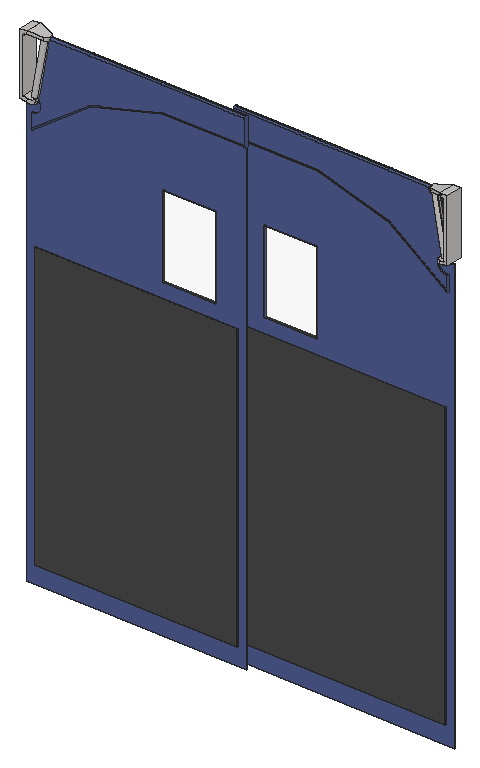
Revit family "Door_Impact_SuperSeal_2000Series", category Doors, host Wall, Revit 2011
Parameters (values of type "ByType")
  Wind Load = ""
  Water Penetration = ""
  Vision Panel Width = 0' - 9"
  Vision Panel Sill Height [instance] = 4' - 5 3/8"
  Vision Panel Height = 1' - 2"
  Plate Material = Rubber - Super Seal - Black
  Vision Panel [instance] = yes
  Top Impact Plate [instance] = no
  Stile Width = 0' - 5 1/8"
  Sound Transmission Class (STC) = 0
  Ref Angle [instance] = if([3in Overlap], 1.00°, 0.00°)  # 1.00°
  RO Offset = 0' - 0 1/2"
  Push Plate [instance] = no
  Panel Material = Plastic - Vinyl - Super Seal - Blue
  Panel Height = 6' - 0"
  Manufacturer Phone = "800-337-3239 "
  Kickplate Top Edge = 4' - 3"
  Hardware Finish = Metal - Stainless Steel - Super Seal - Brushed
  Glass Type = Plastic - Flexible PVC - Super Seal - Clear
  Function = Interior
  Door Width [instance] = if([3in Overlap], (Width / 2) + 0' 1 1/2", (Width / 2) - 0' 0 1/4")  # 3' - 1 1/2"
  Building Code Conformance = ""
  Air Infiltration = ""
  ASTM Conformance = ""
  Warranty Duration (Years) = 0
  URL = "http://www.supersealmfg.com/"
  Thickness = 0' - 0 1/2"
  Test Data = ""
  Specification = ""
  SpecWizard = ""
  Send Message = "http://www.arcat.com/users.pl?action=UserEmail&company=Super-Seal%20Mfg.%20Ltd&coid=44693&rep=119&fax=905-850-4440 &mf="
  Sales Information = "http://www.supersealmfg.com/ContactUs.htm"
  Rough Width = (Width + (RO Offset * 2))  # 6' - 1"
  Rough Height = (Height + (RO Offset))  # 7' - 0 1/2"
  R_Value = 0
  Product Properties = ""
  Product Data = "http://arcat.com/arcatcos/cos44/arc44693.html?isac=1&r=1"
  Manufacturer Website = "http://www.supersealmfg.com/"
  Manufacturer Phone - Toll Free = "800-337-3239 "
  Manufacturer Fax = "905-850-4440 "
  Manufacturer Address = "670 Rowntree Dairy Rd. Woodbridge , ON, Canada L4L-5T8"
  Maintenance Schedule (Months) = 0
  Installation-Fabrication = ""
  Installation Phase = ""
  Green Building-LEED = ""
  Model = "As Specified"
  Manufacturer = "Super-Seal Mfg. Ltd"
  Keynote = "08300"
  Height = 7' - 0"
  Wall Closure = By host
  Width = 6' - 0"
  Fire Rating = "As Specified"
  Expected Lifespan (Years) = 0
  Drawn By = "Sumex Design, Inc. / Robert S. Weygant, CSI, CDT, SCIP"
  Description = "Super Seal "
  Copyright = "©Arcat Inc."
  Construction Details = "http://arcat.com/details/supersea/supersea.html?coid=44693"
  Building Codes = ""
  Assembly Code = ""
  ADA Compliant = yes
  AAMA Designation = ""
  3in Overlap = yes
  270 Degree Swing [instance] = no
Reference planes (in)
  plane 1 "Center (Front/Back)": y = -36.21225
  plane 2 "Center (Left/Right)": x = 64.28704
  plane 3: z = 0
  plane 4 "Right": x = 100.28704
  plane 5 "Left": x = 28.28704
  plane 6 "Closure": y = -39.21225
  plane 7: z = 0
  plane 8 "Top of Frame": z = 84
  plane 9 "RO Top": z = 84.5
  plane 10 "RO Right": x = 100.78704
  plane 11 "RO Left": x = 27.78704
  plane 12 "Frame Ext": y = -35.96225
  plane 13 "Frame Int": y = -36.46225
  plane 14: z = 2
Lines and regions (in)
  Opening 1
    outline origin (-109.33485, -39.21225, 0) x (1, 0, 0) y (0, 0, 1)
      loop
        line (137.12189, 0) -> (210.12189, 0) -> (210.12189, 84.5) -> (137.12189, 84.5) -> (137.12189, 0)
  reference lines
    curve 1: line (100.28704, -36.21225, 0) -> (85.03936, -35.9461, 0)
    curve 2: line (28.28704, -36.21225, 0) -> (65.2814, -36.85798, 0)
Text (in)
  text "Exterior" at (151.73016, -7.34121, 0), in view "A101 - Plan View"
  text "Interior" at (151.73016, -59.79591, 0), in view "A101 - Plan View"
  text "Exterior" at (0, -17.98638, 123.01588), in view "Right"
  text "Interior" at (0, -64.39139, 123.01588), in view "Right"
  text "Interior" at (0, -52.09468, 121.14095), in view "Left"
  text "Exterior" at (0, 26.35325, 123.00693), in view "Left"
Dimensions and locks (in)
  equal spacing: plane 4 "Right", plane 2 "Center (Left/Right)", plane 5 "Left"
  "Width": plane 5 "Left" to plane 4 "Right"
  "Height": level to plane 8 "Top of Frame"
  "RO Offset": plane 5 "Left" to plane 11 "RO Left"
  "RO Offset": plane 10 "RO Right" to plane 4 "Right"
  "RO Offset": plane 9 "RO Top" to plane 8 "Top of Frame"
  "Thickness": plane 12 "Frame Ext" to plane 13 "Frame Int"
  equal spacing: plane 12 "Frame Ext", plane 1 "Center (Front/Back)", plane 13 "Frame Int"
  locked: plane 14 to level at 2
  "Ref Angle": angle curve 1 to plane 1 "Center (Front/Back)"
  "Ref Angle": angle nested 1 to plane 1 "Center (Front/Back)"
  "Ref Angle": angle curve 2 to plane 1 "Center (Front/Back)"
  aligned and locked: host wall to plane 1 "Center (Front/Back)"
  aligned and locked: host wall to plane 6 "Closure"
  aligned and locked: Opening 1 sketch curve to level
  aligned and locked: plane 10 "RO Right" to Opening 1 sketch curve
  aligned and locked: Opening 1 sketch curve to plane 9 "RO Top"
  aligned and locked: plane 11 "RO Left" to Opening 1 sketch curve
Automatic sketch dimensions
  curve 1 to host wall = 0' - 0"
  curve 1 to plane 4 "Right" = 0' - 0"
  curve 2 to host wall = 0' - 0"
  curve 2 to plane 5 "Left" = 0' - 0"
Nested families (in)
  nested 1: "Door_2000" at (47.03901, -36.11051, 0) x (0.9998, -0.0175, 0) z (0, 0, 1), Vision Panel <- "Vision Panel", Top Impact Plate <- "Top Impact Plate", Push Plate <- "Push Plate", 270 Degree Swing <- "270 Degree Swing", Plate Material <- "Plate Material", Panel Material <- "Panel Material", Hardware Finish <- "Hardware Finish", Glass Type <- "Glass Type", Vision Panel Width <- "Vision Panel Width", Vision Panel Sill Height <- "Vision Panel Sill Height", Vision Panel Height <- "Vision Panel Height", Unit Width <- "Door Width", Unit Height <- "Height", Support Angle <- "Ref Angle", Stile Width <- "Stile Width", Kickplate Top Edge <- "Kickplate Top Edge", type "Door_2000"
    with offset 0' - 0", Vision Panel Width 0' - 9", Vision Panel Sill Height 4' - 5 3/8", Vision Panel Height 1' - 2", Vision Panel yes, Unit Width 3' - 1 1/2", Unit Height 7' - 0", Unit Depth 0' - 0 1/8", Top Impact Plate no, Support Angle 1.00°, Stile Width 0' - 5 1/8", Rad 3' - 0 1/2", Push Plate no, Plate Material Rubber - Super Seal - Black, Panel Material Plastic - Vinyl - Super Seal - Blue, Kickplate Top Edge 4' - 3", Jamb Gap_Hinge 0' - 1", Hardware Finish Metal - Stainless Steel - Super Seal - Brushed, Glass Type Plastic - Flexible PVC - Super Seal - Clear, Cut Depth 0' - 3 1/8", Angle 2 0.00°, Angle 1 0.00°, 270 Degree Swing no
  nested 2: "Door_2000" at (81.55003, -35.45613, 0) x (-0.9998, 0.0175, 0) z (0, 0, 1), Vision Panel <- "Vision Panel", Top Impact Plate <- "Top Impact Plate", Push Plate <- "Push Plate", 270 Degree Swing <- "270 Degree Swing", Plate Material <- "Plate Material", Panel Material <- "Panel Material", Hardware Finish <- "Hardware Finish", Glass Type <- "Glass Type", Vision Panel Width <- "Vision Panel Width", Vision Panel Sill Height <- "Vision Panel Sill Height", Vision Panel Height <- "Vision Panel Height", Unit Width <- "Door Width", Unit Height <- "Height", Support Angle <- "Ref Angle", Stile Width <- "Stile Width", Kickplate Top Edge <- "Kickplate Top Edge", type "Door_2000"
    with offset 0' - 0", Vision Panel Width 0' - 9", Vision Panel Sill Height 4' - 5 3/8", Vision Panel Height 1' - 2", Vision Panel yes, Unit Width 3' - 1 1/2", Unit Height 7' - 0", Unit Depth 0' - 0 1/8", Top Impact Plate no, Support Angle 1.00°, Stile Width 0' - 5 1/8", Rad 3' - 0 1/2", Push Plate no, Plate Material Rubber - Super Seal - Black, Panel Material Plastic - Vinyl - Super Seal - Blue, Kickplate Top Edge 4' - 3", Jamb Gap_Hinge 0' - 1", Hardware Finish Metal - Stainless Steel - Super Seal - Brushed, Glass Type Plastic - Flexible PVC - Super Seal - Clear, Cut Depth 0' - 3 1/8", Angle 2 0.00°, Angle 1 0.00°, 270 Degree Swing no
Definition of nested family "Door_2000"
  Parameters
    offset [instance] = 0' - 0"
    Width = 2' - 10 67/256"
    Warranty Duration (Years) = 0
    Vision Panel Width [instance] = 0' - 9"
    Vision Panel Sill Height [instance] = 4' - 5 3/8"
    Vision Panel Height [instance] = 1' - 2"
    Top Impact Plate [instance] = no
    Push Plate [instance] = no
    Plate Material [instance] = none
    Vision Panel [instance] = yes
    Unit Width [instance] = 3' - 0"
    Unit Height [instance] = 7' - 0"
    Unit Depth [instance] = 0' - 0 1/2"
    URL = "http://www.supersealmfg.com/"
    Support Angle [instance] = 0.00°
    Stile Width [instance] = 0' - 10"
    Specification = ""
    SpecWizard = ""
    Send Message = "http://www.arcat.com/users.pl?action=UserEmail&company=Super-Seal%20Mfg.%20Ltd&coid=44693&rep=119&fax=905-850-4440 &mf="
    Sales Information = "http://www.supersealmfg.com/ContactUs.htm"
    Revision = "R1_07-2011"
    Rad [instance] = Unit Width - Jamb Gap_Hinge  # 2' - 11"
    Product Properties = ""
    Product Data = "http://arcat.com/arcatcos/cos44/arc44693.html?isac=1&r=1"
    Panel Material [instance] = none
    Model = "As Specified"
    Manufacturer Website = "http://www.supersealmfg.com/"
    Manufacturer Phone - Toll Free = "800-337-3239 "
    Manufacturer Phone = "800-337-3239 "
    Manufacturer Fax = "905-850-4440 "
    Manufacturer Address = "670 Rowntree Dairy Rd. Woodbridge , ON, Canada L4L-5T8"
    Manufacturer = "Super-Seal Mfg. Ltd"
    Maintenance Schedule (Months) = 0
    Kickplate Top Edge [instance] = 4' - 3"
    Keynote = ""
    Jamb Gap_Hinge [instance] = 0' - 1"  # constant formula
    Installation-Fabrication = ""
    Installation Phase = ""
    Hardware Finish [instance] = none
    Green Building-LEED = ""
    Glass Type [instance] = none
    Expected Lifespan (Years) = 0
    Drawn By = "Sumex Design, Inc. / Robert S. Weygant, CSI, CDT, SCIP"
    Description = "Super Seal"
    Default Elevation = 4' - 0"
    Cut Depth [instance] = if(Vision Panel, Unit Depth + 0' 3", 0' 1")  # 0' - 3 1/2"
    Copyright = "©Arcat Inc."
    Construction Details = "http://arcat.com/details/supersea/supersea.html?coid=44693"
    Assembly Code = ""
    Angle 2 [instance] = if([270 Degree Swing], 80.00°, 0.00°)  # 0.00°
    Angle 1 [instance] = if([270 Degree Swing], 10.00°, 0.00°)  # 0.00°
    270 Degree Swing [instance] = no
  Reference planes (in)
    plane 1 "Center (Front/Back)": y = 0
    plane 2 "Bottom": z = 0
    plane 3 "Center (Left/Right)": x = 0
    plane 4 "Front": y = -0.25
    plane 5 "Back": y = 0.25
    plane 6 "Left": x = -18
    plane 7 "Right": x = 18
    plane 8 "Top": z = 84
    plane 9: x = -1
    plane 10: x = 8
    plane 11: z = 53.375
    plane 12: z = 67.375
    plane 13: z = 83.5
    plane 14: y = -2.25
    plane 15: y = 1.25
    plane 16: z = 42
    plane 17: x = -11
    plane 18: x = -14.5
    plane 19: z = 68.48895
    plane 20: z = 75.48895
    plane 21: z = 78.875
    plane 22: z = 82.69079
  Forms (in)
    Extrusion 1, solid, material <- "Panel Material"
      sketch origin (-11.94222, 0.25, 48) x (-1, 0, 0) y (0, 0, 1)
        loop
          line (3.24778, 35.5) -> (-29.94222, 35.5) -> (-29.94222, -48) -> (6.05778, -48) -> (6.05778, 25.01552) -> (5.21839, 24.86751) -> (3.24778, 35.5)
      from 0 to -0.5
    Extrusion 2, void
      sketch origin (0, -2.25, 76.96713) x (0, 0, -1) y (-1, 0, 0)
        loop
          line (9.59213, 1) -> (9.59213, -8) -> (23.59213, -8) -> (23.59213, 1) -> (9.59213, 1)
      from 0 to 3.5
    Extrusion 3, solid, material <- "Glass Type", visible <- "Vision Panel"
      sketch origin (0, 0, 0) x (1, 0, 0) y (0, 0, 1)
        loop
          line (-1, 67.375) -> (-1, 53.375) -> (8, 53.375) -> (8, 67.375) -> (-1, 67.375)
      from -0.25 to 0.25
    Extrusion 4, solid, material <- "Hardware Finish"
      sketch origin (-18, 0, 0) x (1, 0, 0) y (0, 0, 1)
        loop
          line (0, 84) -> (0, 73.5) -> (1.96651, 73.13553) -> (2.05763, 73.62716) -> (0.5, 73.91585) -> (0.5, 83.0293)
          arc (0.5, 83.0293) -> (0.68028, 83.41373) -> (1.09112, 83.52093) r 0.5
          line (1.09112, 83.52093) -> (3.98574, 82.98445) -> (4.07686, 83.47607) -> (1.25, 84) -> (0, 84)
      from -1.375 to 1.375
    Blend 5, solid, material <- "Panel Material"
      base sketch origin (-18, 16.34522, 48) x (0, 1, 0) y (0, 0, 1)
        loop
          arc (-16.59522, 35.5) -> (-16.772, 35.42678) -> (-16.84522, 35.25) r 0.25
          line (-16.84522, 35.25) -> (-16.84522, 27.73895)
          arc (-16.84522, 27.73895) -> (-16.772, 27.56217) -> (-16.59522, 27.48895) r 0.25
          line (-16.59522, 27.48895) -> (-16.59522, 35.5)
      top sketch origin (-18, 16.34522, 48) x (0, 1, 0) y (0, 0, 1)
        loop
          arc (-16.84522, 31.125) -> (-16.772, 30.94822) -> (-16.59522, 30.875) r 0.25
          line (-16.59522, 30.875) -> (-16.59522, 35.5)
          arc (-16.59522, 35.5) -> (-16.772, 35.42678) -> (-16.84522, 35.25) r 0.25
          line (-16.84522, 35.25) -> (-16.84522, 31.125)
      from 11.01545 to 23.23347
    Blend 6, solid, material <- "Panel Material"
      base sketch origin (-18, 16.34522, 48) x (0, 1, 0) y (0, 0, 1)
        loop
          arc (-16.59522, 35.5) -> (-16.772, 35.42678) -> (-16.84522, 35.25) r 0.25
          line (-16.84522, 35.25) -> (-16.84522, 31.125)
          arc (-16.84522, 31.125) -> (-16.772, 30.94822) -> (-16.59522, 30.875) r 0.25
          line (-16.59522, 30.875) -> (-16.59522, 35.5)
      top sketch origin (-18, 16.34522, 48) x (0, 1, 0) y (0, 0, 1)
        loop
          arc (-16.84522, 31.125) -> (-16.772, 30.94822) -> (-16.59522, 30.875) r 0.25
          line (-16.59522, 30.875) -> (-16.59522, 35.5)
          arc (-16.59522, 35.5) -> (-16.772, 35.42678) -> (-16.84522, 35.25) r 0.25
          line (-16.84522, 35.25) -> (-16.84522, 31.125)
      from 36 to 23.23347
    Blend 7, solid, material <- "Panel Material"
      base sketch origin (-18, 16.34522, 48) x (0, 1, 0) y (0, 0, 1)
        loop
          arc (-16.59522, 35.5) -> (-16.772, 35.42678) -> (-16.84522, 35.25) r 0.25
          line (-16.84522, 35.25) -> (-16.84522, 20.73895)
          arc (-16.84522, 20.73895) -> (-16.772, 20.56217) -> (-16.59522, 20.48895) r 0.25
          line (-16.59522, 20.48895) -> (-16.59522, 35.5)
      top sketch origin (-18, 16.34522, 48) x (0, 1, 0) y (0, 0, 1)
        loop
          arc (-16.84522, 27.73895) -> (-16.772, 27.56217) -> (-16.59522, 27.48895) r 0.25
          line (-16.59522, 27.48895) -> (-16.59522, 35.5)
          arc (-16.59522, 35.5) -> (-16.772, 35.42678) -> (-16.84522, 35.25) r 0.25
          line (-16.84522, 35.25) -> (-16.84522, 27.73895)
      from 1 to 11.01545
    Extrusion 8, void
      sketch origin (0, 0, 0) x (1, 0, 0) y (0, 0, 1)
        loop
          line (-15.02987, 84.36395) -> (-18.25, 84.36395) -> (-18.25, 71.11395) -> (-17, 71.11395)
          arc (-17, 71.11395) -> (-15.48407, 71.94602) -> (-15.85109, 73.63589) r 1.44522
          line (-15.85109, 73.63589) -> (-16.85626, 74.50966) -> (-15.02987, 84.36395)
      from -0.97485 to 0.90294
    Extrusion 9, void
      sketch origin (-13.92314, 0, 83.47607) x (0.983255, 0, -0.182236) y (0, -1, 0)
        loop
          line (-0.54745, -0.72213) -> (-2.875, -1.375) -> (-2.875, -2.45264) -> (0.75428, -2.45264) -> (0.75428, 2.29736) -> (-2.875, 2.29736) -> (-2.875, 1.375) -> (-0.54745, 0.72213)
          arc (-0.54745, 0.72213) -> (0, 0) -> (-0.54745, -0.72213) r 0.75
      from 0 to 1.04633
    Extrusion 10, void
      sketch origin (-15.94237, 0, 73.62716) x (0.983255, 0, -0.182236) y (0, -1, 0)
        loop
          arc (-0.75, 1.375) -> (-0.21967, 1.15533) -> (0, 0.625) r 0.75
          line (0, 0.625) -> (0, -0.625)
          arc (0, -0.625) -> (-0.21967, -1.15533) -> (-0.75, -1.375) r 0.75
          line (-0.75, -1.375) -> (-1.58415, -1.375) -> (-1.58415, -2.57532) -> (1.03798, -2.57532) -> (1.03798, 2.78329) -> (-1.58415, 2.78329) -> (-1.58415, 1.375) -> (-0.75, 1.375)
      from 0 to 0.72775
    Blend 11, solid, material <- "Panel Material"
      base sketch origin (-18, -16.34522, 48) x (0, -1, 0) y (0, 0, -1)
        loop
          line (-16.59522, -35.5) -> (-16.59522, -27.48895)
          arc (-16.59522, -27.48895) -> (-16.772, -27.56217) -> (-16.84522, -27.73895) r 0.25
          line (-16.84522, -27.73895) -> (-16.84522, -35.25)
          arc (-16.84522, -35.25) -> (-16.772, -35.42678) -> (-16.59522, -35.5) r 0.25
      top sketch origin (-18, -16.34522, 48) x (0, -1, 0) y (0, 0, -1)
        loop
          line (-16.84522, -31.125) -> (-16.84522, -35.25)
          arc (-16.84522, -35.25) -> (-16.772, -35.42678) -> (-16.59522, -35.5) r 0.25
          line (-16.59522, -35.5) -> (-16.59522, -30.875)
          arc (-16.59522, -30.875) -> (-16.772, -30.94822) -> (-16.84522, -31.125) r 0.25
      from 11.01545 to 23.23347
    Blend 12, solid, material <- "Panel Material"
      base sketch origin (-18, -16.34522, 48) x (0, -1, 0) y (0, 0, -1)
        loop
          line (-16.59522, -35.5) -> (-16.59522, -30.875)
          arc (-16.59522, -30.875) -> (-16.772, -30.94822) -> (-16.84522, -31.125) r 0.25
          line (-16.84522, -31.125) -> (-16.84522, -35.25)
          arc (-16.84522, -35.25) -> (-16.772, -35.42678) -> (-16.59522, -35.5) r 0.25
      top sketch origin (-18, -16.34522, 48) x (0, -1, 0) y (0, 0, -1)
        loop
          line (-16.84522, -31.125) -> (-16.84522, -35.25)
          arc (-16.84522, -35.25) -> (-16.772, -35.42678) -> (-16.59522, -35.5) r 0.25
          line (-16.59522, -35.5) -> (-16.59522, -30.875)
          arc (-16.59522, -30.875) -> (-16.772, -30.94822) -> (-16.84522, -31.125) r 0.25
      from 36 to 23.23347
    Blend 13, solid, material <- "Panel Material"
      base sketch origin (-18, -16.34522, 48) x (0, -1, 0) y (0, 0, -1)
        loop
          line (-16.59522, -35.5) -> (-16.59522, -20.48895)
          arc (-16.59522, -20.48895) -> (-16.772, -20.56217) -> (-16.84522, -20.73895) r 0.25
          line (-16.84522, -20.73895) -> (-16.84522, -35.25)
          arc (-16.84522, -35.25) -> (-16.772, -35.42678) -> (-16.59522, -35.5) r 0.25
      top sketch origin (-18, -16.34522, 48) x (0, -1, 0) y (0, 0, -1)
        loop
          line (-16.84522, -27.73895) -> (-16.84522, -35.25)
          arc (-16.84522, -35.25) -> (-16.772, -35.42678) -> (-16.59522, -35.5) r 0.25
          line (-16.59522, -35.5) -> (-16.59522, -27.48895)
          arc (-16.59522, -27.48895) -> (-16.772, -27.56217) -> (-16.84522, -27.73895) r 0.25
      from 1 to 11.01545
    Extrusion 14, solid, material <- "Hardware Finish"
      sketch origin (-13.92314, 0, 83.47607) x (-0.983255, 0, 0.182236) y (0, -1, 0)
        loop
          circle (0.75, 0) r 0.5
      from 0 to -11.02537
    Extrusion 15, solid, material <- "Plate Material"
      sketch origin (0, -0.25, 0) x (-1, 0, 0) y (0, 0, 1)
        loop
          line (16.5, 3) -> (16.5, 51) -> (-16.5, 51) -> (-16.5, 3) -> (16.5, 3)
      from 0 to -0.125
    Extrusion 16, solid, material <- "Plate Material"
      sketch origin (-11.94222, 0.25, 48) x (-1, 0, 0) y (0, 0, 1)
        loop
          line (4.55778, -45) -> (4.55778, 3) -> (-28.44222, 3) -> (-28.44222, -45) -> (4.55778, -45)
      from 0 to 0.125
    Extrusion 17, solid, material <- "Plate Material", visible <- "Push Plate"
      sketch origin (0, -0.25, 0) x (-1, 0, 0) y (0, 0, 1)
        loop
          line (-11.5, 52.01525) -> (-11.5, 71.5) -> (-16.5, 71.5) -> (-16.5, 52.01525) -> (-11.5, 52.01525)
      from 0 to -0.125
    Extrusion 18, solid, material <- "Plate Material", visible <- "Push Plate"
      sketch origin (-11.94222, 0.25, 48) x (-1, 0, 0) y (0, 0, 1)
        loop
          line (-23.44222, 4.01525) -> (-23.44222, 23.5) -> (-28.44222, 23.5) -> (-28.44222, 4.01525) -> (-23.44222, 4.01525)
      from 0 to 0.125
    Extrusion 19, solid, material <- "Plate Material", visible <- "Top Impact Plate"
      sketch origin (0, -0.25, 0) x (-1, 0, 0) y (0, 0, 1)
        loop
          line (13.25, 82) -> (-16.5, 82) -> (-16.5, 72.5) -> (13.25, 72.5) -> (13.25, 82)
      from 0 to -0.375
    Extrusion 20, solid, material <- "Plate Material", visible <- "Top Impact Plate"
      sketch origin (-11.94222, 0.25, 48) x (-1, 0, 0) y (0, 0, 1)
        loop
          line (1.30778, 34) -> (-28.44222, 34) -> (-28.44222, 24.5) -> (1.30778, 24.5) -> (1.30778, 34)
      from 0 to 0.375
  Cuts and joins
    Extrusion 9, Extrusion 10 cuts Extrusion 4
    joined: Extrusion 4, Extrusion 14
    Extrusion 2 cuts Extrusion 1
    Extrusion 8 cuts Blend 5
    Extrusion 8 cuts Blend 6
    Extrusion 8 cuts Blend 7
    Extrusion 8 cuts Blend 13
    joined: Extrusion 1, Blend 5, Blend 6, Blend 7, Blend 11, Blend 12, Blend 13
  Lines and regions (in)
    symbolic lines, style "Plan Swing"
      curve 1: arc (-18, -36, 0) -> (18, 0, 0) -> (-18, 36, 0) r 36
      curve 2: line (-18, -36, 0) -> (-18, 0, 0)
      curve 6: line (-18, 0, 0) -> (-18, 36, 0)
    symbolic lines, style "Elevation Swing"
      curve 3: line (18, 0, 84) -> (-18, 0, 42)
      curve 4: line (-18, 0, 42) -> (18, 0, 0)
    reference lines
      curve 5: line (-18, 0, 84) -> (-9.25, 0, 84)
  Dimensions and locks (in)
    equal spacing: plane 6 "Left", plane 3 "Center (Left/Right)", plane 7 "Right"
    "Unit Width": plane 6 "Left" to plane 7 "Right"
    equal spacing: plane 5 "Back", plane 1 "Center (Front/Back)", plane 4 "Front"
    "Unit Depth": plane 5 "Back" to plane 4 "Front"
    "Unit Height": plane 8 "Top" to level
    "Vision Panel Width": plane 10 to plane 9
    "Vision Panel Height": plane 12 to plane 11
    "Vision Panel Sill Height": plane 11 to level
    locked: plane 8 "Top" to plane 13 at 0.5
    locked: plane 4 "Front" to plane 14 at 2
    "Cut Depth": plane 15 to plane 14
    equal spacing: plane 8 "Top", plane 16, level
    locked: plane 17 to plane 6 "Left" at 7
    locked: plane 17 to plane 18 at 3.5
    "Stile Width": plane 7 "Right" to plane 10
    locked: plane 1 "Center (Front/Back)" to curve 1
    locked: curve 1 to plane 6 "Left"
    "Kickplate Top Edge": Extrusion 15 sketch curve to level
    "Kickplate Top Edge": Extrusion 16 sketch curve to level
    plane 7 "Right" to Extrusion 17 sketch curve to Extrusion 17 sketch curve = 0' - 1 1/2" locked, 0' - 5" locked
    locked: Extrusion 17 sketch curve to level at 52.01525
    locked: Extrusion 17 sketch curve to level at 71.5
    plane 7 "Right" to Extrusion 18 sketch curve to Extrusion 18 sketch curve = 0' - 1 1/2" locked, 0' - 5" locked
    locked: Extrusion 18 sketch curve to level at 52.01525
    locked: Extrusion 18 sketch curve to level at 71.5
    locked: plane 13 to Extrusion 19 sketch curve at 11
    locked: plane 13 to Extrusion 20 sketch curve at 11
    plane 8 "Top" to plane 22 to plane 21 to plane 20 to plane 19 = 0' - 1.30921" locked, 0' - 3.81579" locked, 0' - 3.38605" locked, 0' - 7" locked
    "Unit Width": radius of curve 1
    "Support Angle": angle plane 1 "Center (Front/Back)" to curve 5
    "Angle 1": angle plane 6 "Left" to curve 6
    "Angle 2": angle curve 2 to plane 6 "Left"
    aligned and locked: Extrusion 1 to plane 4 "Front"
    aligned and locked: Extrusion 2 to plane 15
    aligned and locked: plane 7 "Right" to Blend 6
    aligned and locked: plane 7 "Right" to Blend 12
  Automatic sketch dimensions
    curve 3 to plane 6 "Left" = 0' - 0"
    curve 4 to level = 0' - 0"
    curve 4 to plane 7 "Right" = 0' - 0"
    curve 3 to plane 7 "Right" = 0' - 0"
    curve 4 to plane 16 = 0' - 0"
    curve 3 to plane 8 "Top" = 0' - 0"
    Extrusion 1 sketch curve to plane 7 "Right" = 0' - 0"
    Extrusion 1 sketch curve to plane 13 = 0' - 0"
    Extrusion 1 sketch curve to level = 0' - 0"
    Extrusion 1 sketch curve to plane 6 "Left" = 0' - 0"
    Extrusion 1 sketch curve to plane 18 = 0' - 0.69"
    plane 6 "Left" to Extrusion 1 sketch curve = 0' - 0.83939"
    plane 20 to Extrusion 1 sketch curve = 0' - 2.62144"
    Extrusion 1 sketch curve to Extrusion 1 sketch curve = 0' - 0.14801"
    Extrusion 2 sketch curve to plane 10 = 0' - 0"
    Extrusion 2 sketch curve to plane 12 = 0' - 0"
    Extrusion 2 sketch curve to plane 9 = 0' - 0"
    Extrusion 2 sketch curve to plane 11 = 0' - 0"
    Extrusion 3 sketch curve to plane 9 = 0' - 0"
    Extrusion 3 sketch curve to plane 10 = 0' - 0"
    Extrusion 3 sketch curve to plane 11 = 0' - 0"
    Extrusion 3 sketch curve to plane 12 = 0' - 0"
    Blend 5 sketch curve to plane 4 "Front" = 0' - 0"  (x2)
    Blend 5 sketch curve to plane 20 = 0' - 0"
    Blend 5 sketch curve to plane 13 = 0' - 0"  (x2)
    Blend 5 sketch curve to Blend 5 sketch curve = 0' - 0 1/4"  (x2)
    Blend 5 sketch curve to plane 21 = 0' - 0"
    Blend 6 sketch curve to plane 4 "Front" = 0' - 0"  (x2)
    Blend 6 sketch curve to plane 21 = 0' - 0"  (x2)
    Blend 6 sketch curve to plane 13 = 0' - 0"  (x2)
    Blend 6 sketch curve to Blend 6 sketch curve = 0' - 0 1/4"  (x2)
    Blend 7 sketch curve to plane 4 "Front" = 0' - 0"  (x2)
    Blend 7 sketch curve to plane 19 = 0' - 0"
    Blend 7 sketch curve to plane 13 = 0' - 0"  (x2)
    Blend 7 sketch curve to Blend 7 sketch curve = 0' - 0 1/4"  (x2)
    Blend 7 sketch curve to plane 20 = 0' - 0"
    Blend 11 sketch curve to plane 5 "Back" = 0' - 0"  (x2)
    Blend 11 sketch curve to plane 13 = 0' - 0"  (x2)
    Blend 11 sketch curve to plane 20 = 0' - 0"
    Blend 11 sketch curve to Blend 11 sketch curve = 0' - 0 1/4"  (x2)
    Blend 11 sketch curve to plane 21 = 0' - 0"
    Blend 12 sketch curve to plane 5 "Back" = 0' - 0"  (x2)
    Blend 12 sketch curve to plane 13 = 0' - 0"  (x2)
    Blend 12 sketch curve to plane 21 = 0' - 0"  (x2)
    Blend 12 sketch curve to Blend 12 sketch curve = 0' - 0 1/4"  (x2)
    Blend 13 sketch curve to plane 5 "Back" = 0' - 0"  (x2)
    Blend 13 sketch curve to plane 13 = 0' - 0"  (x2)
    Blend 13 sketch curve to plane 19 = 0' - 0"
    Blend 13 sketch curve to Blend 13 sketch curve = 0' - 0 1/4"  (x2)
    Blend 13 sketch curve to plane 20 = 0' - 0"
    Extrusion 8 sketch curve to plane 6 "Left" = 0' - 0 1/4"
    plane 6 "Left" to Extrusion 8 sketch curve = 0' - 1.14374"
    plane 6 "Left" to Extrusion 8 sketch curve = 0' - 1"
    Extrusion 8 sketch curve to Extrusion 8 sketch curve = 0' - 0.05701"
    Extrusion 8 sketch curve to Extrusion 8 sketch curve = 0' - 1.00516"
    Extrusion 8 sketch curve to plane 18 = 0' - 0.52987"
    plane 20 to Extrusion 8 sketch curve = 0' - 0.97929"
    Extrusion 8 sketch curve to Extrusion 8 sketch curve = 0' - 0.87377"
    Extrusion 8 sketch curve to Extrusion 8 sketch curve = 0' - 1.9645"
    plane 8 "Top" to Extrusion 8 sketch curve = 0' - 0.36395"
    curve 6 to plane 1 "Center (Front/Back)" = 0' - 0"
    plane 6 "Left" to curve 6 = 0' - 0"
    Extrusion 15 sketch curve to plane 7 "Right" = 0' - 1 1/2"
    plane 6 "Left" to Extrusion 15 sketch curve = 0' - 1 1/2"
    level to Extrusion 15 sketch curve = 0' - 3"
    Extrusion 16 sketch curve to plane 7 "Right" = 0' - 1 1/2"
    plane 6 "Left" to Extrusion 16 sketch curve = 0' - 1 1/2"
    level to Extrusion 16 sketch curve = 0' - 3"
    plane 22 to Extrusion 19 sketch curve = 0' - 0.69079"
    Extrusion 19 sketch curve to plane 7 "Right" = 0' - 1 1/2"
    plane 18 to Extrusion 19 sketch curve = 0' - 1 1/4"
    plane 22 to Extrusion 20 sketch curve = 0' - 0.69079"
    Extrusion 20 sketch curve to plane 7 "Right" = 0' - 1 1/2"
    plane 18 to Extrusion 20 sketch curve = 0' - 1 1/4"
    Extrusion 4 sketch curve to curve 5 = 0' - 0"
    Extrusion 4 sketch curve to curve 5 = 0' - 10 1/2"
    curve 5 to Extrusion 4 sketch curve = 0' - 0"
    curve 5 to Extrusion 4 sketch curve = 0' - 0 1/2"
    Extrusion 4 sketch curve to Extrusion 4 sketch curve = 0' - 0 1/2"
    Extrusion 4 sketch curve to Extrusion 4 sketch curve = 0' - 0.09112"  (x3)
    Extrusion 4 sketch curve to Extrusion 4 sketch curve = 0' - 0.15888"
    Extrusion 4 sketch curve to Extrusion 4 sketch curve = 0' - 1.46651"
    Extrusion 4 sketch curve to Extrusion 4 sketch curve = 0' - 2.73574"
    Extrusion 4 sketch curve to curve 5 = 0' - 10.86447"
    Extrusion 4 sketch curve to Extrusion 4 sketch curve = 0' - 1.01555"
    Extrusion 4 to Extrusion 14 sketch curve = 0' - 0 3/4"
    Extrusion 4 to Extrusion 14 sketch curve = 0' - 1 3/8"
    Extrusion 9 sketch curve to Extrusion 4 = 0' - 0"  (x4)
    Extrusion 4 to Extrusion 9 sketch curve = 0' - 0 3/4"
    Extrusion 4 to Extrusion 9 sketch curve = 0' - 0.54745"  (x2)
    Extrusion 9 sketch curve to Extrusion 9 sketch curve = 0' - 0"
    Extrusion 9 sketch curve to Extrusion 4 = 0' - 0.75428"
    Extrusion 9 sketch curve to Extrusion 4 = 0' - 1.07764"
    Extrusion 4 to Extrusion 9 sketch curve = 0' - 0.65287"
    Extrusion 9 sketch curve to Extrusion 9 sketch curve = 0' - 0.72213"
    Extrusion 9 sketch curve to Extrusion 4 = 0' - 0.92236"
    Extrusion 10 sketch curve to Extrusion 4 = 0' - 0"  (x5)
    Extrusion 10 sketch curve to Extrusion 4 = 0' - 1.03798"
    Extrusion 4 to Extrusion 10 sketch curve = 0' - 0 3/4"  (x2)
    Extrusion 10 sketch curve to Extrusion 4 = 0' - 1.20032"
    Extrusion 10 sketch curve to Extrusion 10 sketch curve = 0' - 1.40829"
    curve 5 to plane 1 "Center (Front/Back)" = 0' - 0"
    curve 5 to plane 6 "Left" = 0' - 0"
    radius of Extrusion 14 sketch curve = 0' - 0 1/2"
